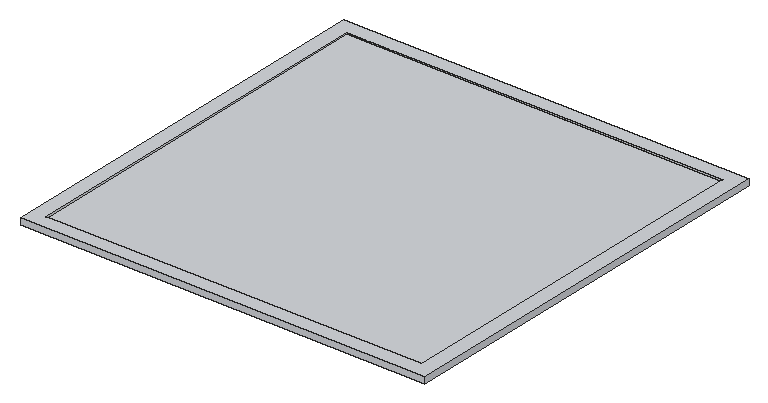
Revit family "595x595_START Panel Backlit UGR19 - Copy - Copy (2) - Copy", category Lighting Fixtures, host Face, Revit 2017
Family settings
  Host = Face
  Round Connector Dimension = Use Diameter
  Part Type = Normal
  OmniClass Number = 23.80.70.00
  OmniClass Title = Lighting
  Cut with Voids When Loaded = No
  Light Source = Yes
  Shared = No
  Room Calculation Point = No
Parameters (values of type "0042231")
  Weight = "119.34 kg"
  Wattage Comments = ""
  Wattage = 36 W
  WarrantyStartDate [instance] = "n/a"
  WarrantyGuarantorParts = "n/a"
  WarrantyDurationUnit = "n/a"
  WarrantyDurationParts = "n/a"
  WarrantyDescription = "n/a"
  WIDTH_SYL = 297.5 mm
  built-in parameter 1150110 = 1 (stored number, unit not read)
  Voltage = 0 V
  URL = "http://www.sylvania-lighting.com"
  TypeName = "0042231 ST PANEL 600X600 3800LM 830 LILO"
  Type Image = <None>
  Type Comments = "n/a"
  built-in parameter 1114217 = 1 (stored number, unit not read)
  Tilt Angle = -90.00°
  built-in parameter 1150109 = 1 (stored number, unit not read)
  built-in parameter 1150134 = (empty or 0)
  TOPWIDTH_SYL = 245 mm
  built-in parameter 1150113 = 1 (stored number, unit not read)
  SerialNumber [instance] = "n/a"
  Photometric Web File = "0042231.ies"
  Material_3_SYL = none
  PowerFactor = 0.9
  PowerConsumption = "36 W"
  NominalLength = 595 mm
  NominalHeight = 35 mm
  NominalDepth = 595 mm
  Name = "START Panel 600x600 3800Lm 830 LILO"
  ModelReference = Name  # "START Panel 600x600 3800Lm 830 LILO"
  ModelNumber = "0042231"
  Model = Name  # "START Panel 600x600 3800Lm 830 LILO"
  Material = "aluminium,steel housing, other diffuser"
  ManufacturerName = "Feilo Sylvania"
  Manufacturer = "Feilo Sylvania"
  MAINHEIGHT_SYL = 63 mm
  LuminousEfficacy = "106 lm/W"
  built-in parameter 1150105 = 303.67 (stored number, unit not read)
  Lumens = 3816 lm
  LuminaireType = ""
  built-in parameter 1150115 = 1 (stored number, unit not read)
  LightOutputRatio = ""
  built-in parameter 1150137 = (empty or 0)
  built-in parameter 1150139 = (empty or 0)
  LampsType = Lamp  # "LED"
  LampNominalLuminous = "3800 lm"
  LampMacAdamStep = "6"
  LampColourTemperature = "3000 K"
  LampColourRenderingIndex = "80"
  built-in parameter 1150112 = 1 (stored number, unit not read)
  built-in parameter 1150114 = 1 (stored number, unit not read)
  Lamp = "LED"
  LUMWIDTH_SYL = 276.5 mm
  LUMDEPTH_SYL = 276.5 mm
  Keynote = "16500"
  InstallationDate [instance] = "n/a"
  InputVoltage = ""
  InputNominalFrequency = ""
  built-in parameter 1150132 = (empty or 0)
  built-in parameter 1150102 = (empty or 0)
  built-in parameter 1150107 = 3000 (stored number, unit not read)
  built-in parameter 1150138 = (empty or 0)
  IngressProtection = "IP40/20"
  ImpactProtectionIndex = "IK03"
  built-in parameter 1150106 = 3.0367 (stored number, unit not read)
  IfcExportType = "IfcLightFixtureType"
  IfcExportAs = "IfcLightFixtureType"
  HEIGHT_SYL = 33 mm
  HEIGHTBOTT_SYL = 7 mm
  Emit from Circle Diameter = 609.6 mm
  Emit Shape Visible in Rendering = no
  ElectricShockClassification = "Class II"
  built-in parameter 1150104 = 9.8477 (stored number, unit not read)
  DocumentationLiterature = "http://www.sylvania-lighting.com/product/en-int/products/0042231"
  DimmingControlOptions = "n/a"
  Material_2_SYL = none
  Dimming Lamp Color Temperature Shift = <None>
  Description = ""
  Default Elevation = 1219.2 mm
  DEPTH_SYL = 297.5 mm
  CreatedOn = "7/3/2020"
  CreatedBy = "@sylvania-lighting.com"
  Cost = 0
  Color Filter = 16777215
  built-in parameter 1114216 [instance] = (empty or 0)
  ClassificationValue = "EF_70_80"
  ClassificationName = "Uniclass2015"
  Material_1_SYL = none
  BarCode [instance] = "n/a"
  built-in parameter 1114218 = 1 (stored number, unit not read)
  BOX_WIDTH_SYL = 40 mm
  built-in parameter 1150133 = 10 (stored number, unit not read)
  AssetType = "Fixed"
  AssetIdentifier [instance] = "n/a"
  Assembly Code = "D5020200"
  Apparent Load = 36 VA
  Material_4_SYL = none
  -LUMDEPTH_SYL = LUMDEPTH_SYL * (-1)  # -276.5 mm
Reference planes
  plane 1 "Center (Front/Back)": y = 0
  plane 2: z = 0
  plane 3 "Center (Left/Right)": x = 0
  plane 4: x = -297.5
  plane 5: x = 297.5
  plane 6: y = 297.5
  plane 7: y = -297.5
  plane 8: x = 276.5
  plane 9: x = -276.5
  plane 10: y = 276.5
  plane 11: y = -276.5
  plane 12: z = -33
  plane 13: z = -7
  plane 14: x = -245
  plane 15: x = 245
  plane 16: y = -245
  plane 17: y = 245
  plane 18: y = 276.5
  plane 19: y = -276.5
  plane 20: z = -63
  plane 21: x = -40
  plane 22: x = 40
Forms (mm)
  Extrusion 1, solid
    sketch origin (0, 0, 0) x (1, 0, 0) y (0, 1, 0)
      loop
        line (-297.5, 297.5) -> (-297.5, -297.5) -> (297.5, -297.5) -> (297.5, 297.5) -> (-297.5, 297.5)
    from -7 to 2
  Extrusion 2, void
    sketch origin (0, 0, 0) x (1, 0, 0) y (0, 1, 0)
      loop
        line (-276.5, 276.5) -> (-276.5, -276.5) -> (276.5, -276.5) -> (276.5, 276.5) -> (-276.5, 276.5)
    from 0 to 10
  Extrusion 3, solid
    sketch origin (0, 0, 0) x (1, 0, 0) y (0, 0, 1)
      loop
        line (-276.5, -7) -> (-245, -33) -> (245, -33) -> (276.5, -7) -> (-276.5, -7)
    from -276.5 <- "-LUMDEPTH_SYL" to 276.5 <- "LUMDEPTH_SYL"
  Extrusion 4, void
    sketch origin (319, 1524, 1219.2) x (0, 1, 0) y (0, 0, 1)
      loop
        line (-1279, -1252.2) -> (-1247.5, -1252.2) -> (-1247.5, -1226.2) -> (-1279, -1252.2)
      loop
        line (-1800.5, -1226.2) -> (-1800.5, -1252.2) -> (-1769, -1252.2) -> (-1800.5, -1226.2)
    from -1000 to 1000
  Extrusion 5, solid
    sketch origin (0, 0, 0) x (1, 0, 0) y (0, 0, 1)
      loop
        line (-40, -33) -> (-40, -63) -> (40, -63) -> (40, -33) -> (-40, -33)
    from -40 to 40
Cuts and joins
  Extrusion 2 cuts Extrusion 1
  Extrusion 4 cuts Extrusion 3
Dimensions and locks
  "WIDTH_SYL": plane 4 to plane 3 "Center (Left/Right)" to plane 5
  "DEPTH_SYL": plane 7 to plane 1 "Center (Front/Back)" to plane 6
  "LUMWIDTH_SYL": plane 9 to plane 3 "Center (Left/Right)" to plane 8
  "LUMDEPTH_SYL": plane 11 to plane 1 "Center (Front/Back)" to plane 10
  "HEIGHT_SYL": host face to plane 12
  "HEIGHTBOTT_SYL": host face to plane 13
  "TOPWIDTH_SYL": plane 14 to imposter light to plane 15
  "TOPWIDTH_SYL": plane 17 to imposter light to plane 16
  "LUMWIDTH_SYL": plane 18 to imposter light to plane 19
  "MAINHEIGHT_SYL": host face to plane 20
  "BOX_WIDTH_SYL": plane 21 to imposter light to plane 22
  Extrusion 5 sketch curve to Extrusion 5 sketch curve to plane 13 = 30 mm, 26 mm
  aligned and locked: plane 2 to host face
  aligned and locked: level to host face
  aligned and locked: plane 6 to Extrusion 1 sketch curve
  aligned and locked: plane 4 to Extrusion 1 sketch curve
  aligned and locked: Extrusion 1 sketch curve to plane 7
  aligned and locked: Extrusion 1 sketch curve to plane 5
  aligned and locked: plane 10 to Extrusion 2 sketch curve
  aligned and locked: Extrusion 2 sketch curve to plane 9
  aligned and locked: Extrusion 2 sketch curve to plane 11
  aligned and locked: plane 8 to Extrusion 2 sketch curve
  aligned and locked: Extrusion 5 sketch curve to plane 21
  aligned and locked: plane 22 to Extrusion 5 sketch curve
Automatic sketch dimensions
  host sketch curve to host sketch curve = 2438.4 mm  (x2)
  plane 9 to Extrusion 3 sketch curve = 0 mm
  Extrusion 3 sketch curve to plane 12 = 0 mm
  plane 14 to Extrusion 3 sketch curve = 0 mm
  plane 15 to Extrusion 3 sketch curve = 0 mm
  plane 8 to Extrusion 3 sketch curve = 0 mm
  Extrusion 3 sketch curve to plane 13 = 0 mm
  Extrusion 4 sketch curve to plane 11 = 0 mm
  plane 12 to Extrusion 4 sketch curve = 0 mm  (x2)
  Extrusion 4 sketch curve to plane 16 = 0 mm
  Extrusion 4 sketch curve to plane 17 = 0 mm
  Extrusion 4 sketch curve to plane 10 = 0 mm
  plane 13 to Extrusion 4 sketch curve = 0 mm  (x2)
